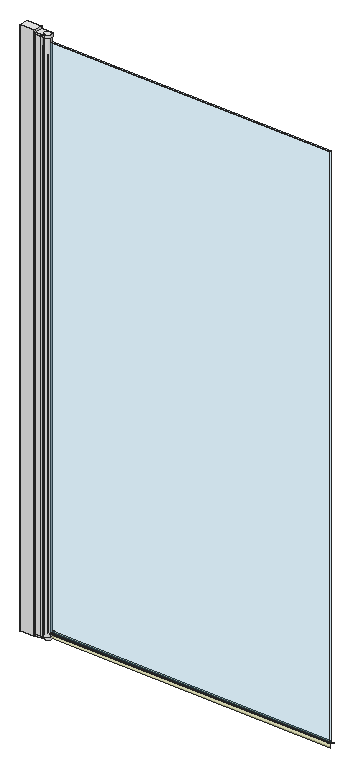
Revit family "SOEB1", category Plumbing Fixtures, Revit 2015
Parameters (values of type "850")
  Width fixed panel 2 = 0 mm
  Width fixed panel = 0 mm
  Seal = Seal
  Model = "SOEB1"
  L1 = 850 mm
  URL = "www.sanswiss.com"
  Type Comments = "SOLINO"
  Number of elements = 0
  Chrome = Chrome
  Aluminum = Aluminum
  Manufacturer = "SanSwiss"
  H = 1500 mm
  Glass = Glass
Types (2, lengths in mm): name | L1
  850 | 850
  750 | 750
Reference planes
  plane 1 "Center (Front/Back)": y = 0
  plane 2: z = 0
  plane 3 "Center (Left/Right)": x = 0
  plane 4: x = 850
  plane 5: z = 1500
  plane 6 "góra": z = 1480
  plane 7 "klamka": z = 1000.61
  plane 8: x = 828.938
  plane 9: x = 809.789
  plane 10 "ucięcie": z = 11.8
  plane 11: z = 1984
  plane 12: z = 4.446
  plane 13: z = 1495.447
  plane 14: z = 16.178
  plane 15: z = 1490.893
Forms (mm)
  Extrusion 1, void, not visible
    sketch origin (0, 0, 0) x (1, 0, 0) y (0, 0, 1)
      loop
        line (47.1, 1799.5) -> (47.1, 1777.5) -> (65.984, 1777.5) -> (65.984, 1799.5) -> (47.1, 1799.5)
    from -49.545 to 25.251
  Extrusion 2, solid, material "Aluminum" <- "Aluminum", not visible
    sketch origin (0, 0, 1822.5) x (0, -1, 0) y (1, 0, 0)
      loop
        line (-1, 45.1) -> (-1, 57.085)
        arc (-1, 57.085) -> (-10, 66.085) -> (-19, 57.085) r 9
        line (-19, 57.085) -> (-19, 45.1) -> (-1, 45.1)
    from -45 to -23
  Extrusion 3, solid, material "Aluminum" <- "Aluminum", not visible
    sketch origin (0, 0, 1822.5) x (0, -1, 0) y (1, 0, 0)
      loop
        line (-1, 47.1) -> (-10, 47.1)
        arc (-10, 47.1) -> (-14.544, 48.192) -> (-18.095, 51.229) r 10
        arc (-18.095, 51.229) -> (-18.654, 51.411) -> (-19, 50.936) r 0.5
        line (-19, 50.936) -> (-19, 45.1) -> (-1, 45.1) -> (-1, 47.1)
    from -23 to 0
  Revolve 4, solid, material "Aluminum" <- "Aluminum", not visible
    sketch origin (0, 0, 1800) x (0, -1, 0) y (1, 0, 0)
      loop
        line (-21, 88.1) -> (-27.814, 88.1) -> (-27.814, 75.277) -> (-23.528, 79.564) -> (-21, 79.564) -> (-21, 88.1)
      axis (-21, 88.1) -> (-27.814, 88.1)
    angle from 0 to 360
  Revolve 5, solid, material "Aluminum" <- "Aluminum", not visible
    sketch origin (30, 0, 1800) x (0, -1, 0) y (1, 0, 0)
      loop
        line (-21, 88.1) -> (-27.814, 88.1) -> (-27.814, 75.277) -> (-23.528, 79.564) -> (-21, 79.564) -> (-21, 88.1)
      axis (-21, 88.1) -> (-27.814, 88.1)
    angle from 0 to 360
  Extrusion 6, solid, material "Glass" <- "Glass"
    sketch origin (0, 0, 1800) x (0, -1, 0) y (1, 0, 0)
      loop
        line (-27.5, 850) -> (-27.5, 60.1) -> (-21.5, 60.1) -> (-21.5, 850) -> (-27.5, 850)
    from -1787 to -320
  Extrusion 7, solid, material "Seal" <- "Seal"
    sketch origin (0, 0, 0) x (0, 1, 0) y (0, 0, 1)
      loop
        line (25.848, 0) -> (26.239, 11.179) -> (28.331, 11.179)
        arc (28.331, 11.179) -> (32.443, 8.017) -> (37.363, 6.377) r 15.613
        arc (37.363, 6.377) -> (37.88, 6.809) -> (37.519, 7.378) r 0.511
        arc (37.519, 7.378) -> (33.267, 9.376) -> (29.821, 12.57) r 15.311
        line (29.821, 12.57) -> (29.32, 16.654)
        arc (29.32, 16.654) -> (28.875, 17.326) -> (28.071, 17.375) r 0.903
        line (28.071, 17.375) -> (28.68, 12.412) -> (21.994, 12.412) -> (22.862, 17.336)
        arc (22.862, 17.336) -> (21.758, 17.201) -> (21.323, 16.178) r 1.113
        line (21.323, 16.178) -> (20.867, 12.937)
        arc (20.867, 12.937) -> (21.214, 11.729) -> (22.343, 11.179) r 1.544
        line (22.343, 11.179) -> (24.42, 11.179) -> (24.937, 0) -> (25.848, 0)
    from 77.062 to 850
  Sweep 8, solid, material "Aluminum" <- "Aluminum"
    path origin (0, 0, 0) x (1, 0, 0) y (0, 0, 1)
      loop
        line (0, 1500) -> (0, 0)
    profile origin (0, 0, 750) x (0, -1, 0) y (1, 0, 0)
      loop
        arc (-38.263, 1.8) -> (-37.735, 0.527) -> (-36.463, 0) r 1.8
        line (-36.463, 0) -> (-13.263, 0)
        arc (-13.263, 0) -> (-11.995, 0.525) -> (-11.47, 1.792) r 1.792
        line (-11.47, 1.792) -> (-11.47, 38.242)
        arc (-11.47, 38.242) -> (-11.866, 39.197) -> (-12.82, 39.592) r 1.35
        line (-12.82, 39.592) -> (-36.859, 39.592)
        arc (-36.859, 39.592) -> (-37.852, 39.181) -> (-38.263, 38.189) r 1.403
        line (-38.263, 38.189) -> (-38.263, 1.8)
  Revolve 9, solid, material "Aluminum" <- "Aluminum"
    sketch origin (-9.312, 936.256, 1415.61) x (0, 1, 0) y (-1, 0, 0)
      loop
        line (-897.993, -39.145) -> (-892.092, -39.145)
        arc (-892.092, -39.145) -> (-892.298, -36.517) -> (-892.793, -33.929) r 23.774
        arc (-892.793, -33.929) -> (-893.497, -32.844) -> (-894.72, -32.423) r 1.986
        line (-894.72, -32.423) -> (-897.993, -32.423) -> (-897.993, -39.145)
      axis (-897.993, -39.145) -> (-892.092, -39.145)
    angle from 0 to 360
  Revolve 10, solid, material "Aluminum" <- "Aluminum"
    sketch origin (-9.312, 936.256, 765.61) x (0, 1, 0) y (-1, 0, 0)
      loop
        line (-897.993, -39.145) -> (-892.092, -39.145)
        arc (-892.092, -39.145) -> (-892.298, -36.517) -> (-892.793, -33.929) r 23.774
        arc (-892.793, -33.929) -> (-893.497, -32.844) -> (-894.72, -32.423) r 1.986
        line (-894.72, -32.423) -> (-897.993, -32.423) -> (-897.993, -39.145)
      axis (-897.993, -39.145) -> (-892.092, -39.145)
    angle from 0 to 360
  Revolve 11, solid, material "Aluminum" <- "Aluminum"
    sketch origin (-9.312, 936.256, 115.61) x (0, 1, 0) y (-1, 0, 0)
      loop
        line (-897.993, -39.145) -> (-892.092, -39.145)
        arc (-892.092, -39.145) -> (-892.298, -36.517) -> (-892.793, -33.929) r 23.774
        arc (-892.793, -33.929) -> (-893.497, -32.844) -> (-894.72, -32.423) r 1.986
        line (-894.72, -32.423) -> (-897.993, -32.423) -> (-897.993, -39.145)
      axis (-897.993, -39.145) -> (-892.092, -39.145)
    angle from 0 to 360
  Sweep 12, solid, material "Aluminum" <- "Aluminum"
    path origin (0, 0, 0) x (1, 0, 0) y (0, 0, 1)
      loop
        line (0, 4.446) -> (0, 1490.893)
    profile origin (0, 0, 747.67) x (-1, 0, 0) y (0, -1, 0)
      loop
        line (-39.592, -35.556) -> (-39.592, -14.168) -> (-57.512, -14.168)
        arc (-57.512, -14.168) -> (-59.231, -15.328) -> (-59.014, -17.391) r 2.014
        line (-59.014, -17.391) -> (-60.019, -17.391) -> (-61.202, -16.839) -> (-63.706, -17.058) -> (-62.709, -17.523)
        arc (-62.709, -17.523) -> (-59.615, -18.745) -> (-57.323, -21.156) r 7.716
        line (-57.323, -21.156) -> (-57.323, -28.491)
        arc (-57.323, -28.491) -> (-59.615, -30.902) -> (-62.709, -32.123) r 7.716
        line (-62.709, -32.123) -> (-63.706, -32.588) -> (-61.202, -32.807) -> (-59.802, -32.154) -> (-58.891, -32.154)
        arc (-58.891, -32.154) -> (-59.419, -34.301) -> (-57.599, -35.556) r 1.947
        line (-57.599, -35.556) -> (-39.592, -35.556)
  Sweep 13, solid, material "Chrome" <- "Chrome"
    path origin (0, 0, -4.553) x (1, 0, 0) y (0, 0, 1)
      loop
        line (0, 1500) -> (0, 1495.447)
    profile origin (0, 0, 1493.17) x (0, -1, 0) y (1, 0, 0)
      loop
        line (-14.163, 39.592) -> (-14.163, 66.995)
        arc (-14.163, 66.995) -> (-24.863, 77.695) -> (-35.563, 66.995) r 10.7
        line (-35.563, 66.995) -> (-35.563, 39.592) -> (-14.163, 39.592)
  Sweep 14, solid, material "Chrome" <- "Chrome"
    path origin (0, 0, -1995.554) x (1, 0, 0) y (0, 0, 1)
      loop
        line (0, 2000) -> (0, 1995.447)
    profile origin (0, 0, 2.17) x (0, -1, 0) y (1, 0, 0)
      loop
        line (-14.163, 39.592) -> (-14.163, 66.995)
        arc (-14.163, 66.995) -> (-24.863, 77.695) -> (-35.563, 66.995) r 10.7
        line (-35.563, 66.995) -> (-35.563, 39.592) -> (-14.163, 39.592)
  Sweep 15, solid, material "Aluminum" <- "Aluminum"
    path origin (0, 0, 0) x (1, 0, 0) y (0, 0, 1)
      loop
        line (0, 4.446) -> (0, 1495.447)
    profile origin (0, 0, 749.947) x (-1, 0, 0) y (0, -1, 0)
      loop
        circle (-66.933, -24.929) r 9.238
Dimensions and locks
  "L1": plane 3 "Center (Left/Right)" to plane 4
  "H": plane 5 to level
  locked: plane 3 "Center (Left/Right)" to Extrusion 6 sketch curve at 60.1
  plane 4 to plane 8 = 21.062 mm
  locked: plane 4 to plane 9 at 40.211
  locked: plane 5 to plane 13 at 4.553
  plane 5 to plane 6 "góra" = 20 mm
  aligned and locked: level to plane 2
  aligned and locked: plane 5 to Sweep 8 sketch curve
  aligned and locked: level to Sweep 8 sketch curve
  aligned and locked: plane 12 to Sweep 12 sketch curve
  aligned and locked: plane 4 to Extrusion 6
  aligned and locked: Extrusion 6 to plane 6 "góra"
  aligned and locked: plane 13 to Sweep 13
  aligned and locked: plane 4 to Extrusion 7
Automatic sketch dimensions
  Extrusion 1 sketch curve to Extrusion 1 sketch curve = 18.884 mm
  Extrusion 1 sketch curve to Extrusion 1 sketch curve = 22 mm
  Extrusion 2 sketch curve to Extrusion 2 sketch curve = 9 mm
  Extrusion 2 sketch curve to Extrusion 2 sketch curve = 11.985 mm
  Extrusion 3 sketch curve to Extrusion 3 sketch curve = 0.5 mm
  Extrusion 3 sketch curve to Extrusion 3 sketch curve = 2 mm
  Extrusion 3 sketch curve to Extrusion 3 sketch curve = 5.836 mm
  Extrusion 3 sketch curve to Extrusion 3 sketch curve = 10 mm
  Extrusion 3 sketch curve to Extrusion 3 sketch curve = 8.5 mm
  Extrusion 3 sketch curve to Extrusion 3 sketch curve = 9 mm
  Revolve 4 sketch curve to Revolve 4 sketch curve = 6.814 mm
  Revolve 4 sketch curve to Revolve 4 sketch curve = 0 mm  (x3)
  Revolve 5 sketch curve to Revolve 5 sketch curve = 6.814 mm
  Revolve 5 sketch curve to Revolve 5 sketch curve = 4.287 mm  (x2)
  Revolve 5 sketch curve to Revolve 5 sketch curve = 8.536 mm
  Revolve 5 sketch curve to Revolve 5 sketch curve = 0 mm  (x3)
  Revolve 4 sketch curve to Revolve 4 sketch curve = 4.287 mm  (x2)
  Revolve 4 sketch curve to Revolve 4 sketch curve = 8.536 mm
  Extrusion 6 sketch curve to plane 1 "Center (Front/Back)" = 27.5 mm
  Extrusion 6 sketch curve to Extrusion 6 sketch curve = 6 mm
  Sweep 8 sketch curve to profile plane = 0 mm
  Sweep 8 sketch curve to profile plane = 1.8 mm
  Sweep 8 sketch curve to plane 1 "Center (Front/Back)" = 38.263 mm
  Sweep 8 sketch curve to Sweep 8 sketch curve = 1.403 mm
  Sweep 8 sketch curve to plane 1 "Center (Front/Back)" = 13.263 mm
  Sweep 8 sketch curve to plane 1 "Center (Front/Back)" = 12.82 mm
  Sweep 8 sketch curve to Sweep 8 sketch curve = 1.792 mm
  Sweep 8 sketch curve to Sweep 8 sketch curve = 36.389 mm
  Revolve 9 sketch curve to plane 1 "Center (Front/Back)" = 20.395 mm
  Revolve 9 sketch curve to Revolve 9 sketch curve = 17.867 mm
  Revolve 9 sketch curve to Revolve 9 sketch curve = 3.274 mm
  Revolve 9 sketch curve to Revolve 9 sketch curve = 2.627 mm
  plane 3 "Center (Left/Right)" to Revolve 9 sketch curve = 30.368 mm
  Revolve 9 sketch curve to Revolve 9 sketch curve = 0.535 mm
  Revolve 9 sketch curve to Revolve 9 sketch curve = 4.736 mm
  Revolve 9 sketch curve to Revolve 9 sketch curve = 1.986 mm
  Revolve 9 sketch curve to Revolve 9 sketch curve = 0 mm  (x2)
  Revolve 9 sketch curve to Revolve 9 sketch curve = 0.459 mm
  Revolve 10 sketch curve to plane 1 "Center (Front/Back)" = 20.395 mm
  Revolve 10 sketch curve to Revolve 10 sketch curve = 17.867 mm
  Revolve 10 sketch curve to Revolve 10 sketch curve = 3.274 mm
  Revolve 10 sketch curve to Revolve 10 sketch curve = 2.627 mm
  plane 3 "Center (Left/Right)" to Revolve 10 sketch curve = 30.368 mm
  Revolve 10 sketch curve to Revolve 10 sketch curve = 0.535 mm
  Revolve 10 sketch curve to Revolve 10 sketch curve = 4.736 mm
  Revolve 10 sketch curve to Revolve 10 sketch curve = 1.986 mm
  Revolve 10 sketch curve to Revolve 10 sketch curve = 0 mm  (x2)
  Revolve 10 sketch curve to Revolve 10 sketch curve = 0.459 mm
  Revolve 11 sketch curve to plane 1 "Center (Front/Back)" = 20.395 mm
  Revolve 11 sketch curve to Revolve 11 sketch curve = 17.867 mm
  Revolve 11 sketch curve to Revolve 11 sketch curve = 3.274 mm
  Revolve 11 sketch curve to Revolve 11 sketch curve = 2.627 mm
  plane 3 "Center (Left/Right)" to Revolve 11 sketch curve = 30.368 mm
  Revolve 11 sketch curve to Revolve 11 sketch curve = 0.535 mm
  Revolve 11 sketch curve to Revolve 11 sketch curve = 4.736 mm
  Revolve 11 sketch curve to Revolve 11 sketch curve = 1.986 mm
  Revolve 11 sketch curve to Revolve 11 sketch curve = 0 mm  (x2)
  Revolve 11 sketch curve to Revolve 11 sketch curve = 0.459 mm
  Sweep 13 sketch curve to plane 3 "Center (Left/Right)" = 0 mm
  plane 13 to Sweep 13 sketch curve = 4.553 mm
  Sweep 13 sketch curve to plane 5 = 4.553 mm
  Sweep 13 sketch curve to plane 1 "Center (Front/Back)" = 35.563 mm
  Sweep 13 sketch curve to Sweep 13 sketch curve = 10.7 mm
  Sweep 13 sketch curve to profile plane = 39.592 mm
  Sweep 13 sketch curve to Sweep 13 sketch curve = 27.403 mm
  Sweep 14 sketch curve to plane 3 "Center (Left/Right)" = 0 mm
  Sweep 14 sketch curve to plane 12 = 0 mm
  Sweep 14 sketch curve to level = 0.107 mm
  Sweep 14 sketch curve to plane 1 "Center (Front/Back)" = 35.563 mm
  Sweep 14 sketch curve to Sweep 14 sketch curve = 10.7 mm
  Sweep 14 sketch curve to profile plane = 39.592 mm
  Sweep 14 sketch curve to Sweep 14 sketch curve = 27.403 mm
  Sweep 12 sketch curve to plane 1 "Center (Front/Back)" = 25.142 mm
  profile plane to Sweep 12 sketch curve = 63.93 mm
  Sweep 12 sketch curve to Sweep 12 sketch curve = 0 mm
  Sweep 12 sketch curve to plane 1 "Center (Front/Back)" = 17.058 mm
  Sweep 12 sketch curve to Sweep 12 sketch curve = 0.224 mm  (x2)
  Sweep 12 sketch curve to Sweep 12 sketch curve = 0.997 mm  (x2)
  Sweep 12 sketch curve to plane 1 "Center (Front/Back)" = 17.523 mm
  Sweep 12 sketch curve to Sweep 12 sketch curve = 1.506 mm  (x2)
  Sweep 12 sketch curve to plane 1 "Center (Front/Back)" = 16.839 mm
  Sweep 12 sketch curve to Sweep 12 sketch curve = 1.184 mm
  Sweep 12 sketch curve to Sweep 12 sketch curve = 1.401 mm
  Sweep 12 sketch curve to Sweep 12 sketch curve = 1.004 mm
  Sweep 12 sketch curve to Sweep 12 sketch curve = 0.91 mm
  Sweep 12 sketch curve to Sweep 12 sketch curve = 1.292 mm
  Sweep 12 sketch curve to Sweep 12 sketch curve = 1.503 mm
  Sweep 12 sketch curve to Sweep 12 sketch curve = 0.106 mm
  Sweep 12 sketch curve to Sweep 12 sketch curve = 1.692 mm
  Sweep 12 sketch curve to Sweep 12 sketch curve = 17.919 mm
  Sweep 12 sketch curve to Sweep 12 sketch curve = 0.031 mm
  Sweep 12 sketch curve to Sweep 12 sketch curve = 0.465 mm
  Sweep 12 sketch curve to Sweep 12 sketch curve = 0.653 mm
  Sweep 12 sketch curve to Sweep 12 sketch curve = 1.456 mm
  Sweep 12 sketch curve to Sweep 12 sketch curve = 3.664 mm
  Sweep 12 sketch curve to Sweep 12 sketch curve = 0.637 mm
  Sweep 12 sketch curve to Sweep 12 sketch curve = 0.552 mm
  Sweep 12 sketch curve to Sweep 12 sketch curve = 1.212 mm
  Sweep 15 sketch curve to plane 3 "Center (Left/Right)" = 0 mm
  Sweep 15 sketch curve to plane 12 = 0 mm
  Sweep 15 sketch curve to plane 13 = 0 mm
  Sweep 15 sketch curve to plane 1 "Center (Front/Back)" = 24.929 mm
  profile plane to Sweep 15 sketch curve = 66.933 mm
  plane 9 to Extrusion 6 sketch curve = 40.211 mm
  Sweep 8 sketch curve to plane 3 "Center (Left/Right)" = 0 mm
  Extrusion 7 sketch curve to plane 14 = 0 mm
  Extrusion 7 sketch curve to level = 0 mm
  plane 10 "ucięcie" to Extrusion 7 sketch curve = 1.137 mm
  Extrusion 7 sketch curve to plane 1 "Center (Front/Back)" = 20.867 mm
  Extrusion 7 sketch curve to Extrusion 7 sketch curve = 0.456 mm
  plane 10 "ucięcie" to Extrusion 7 sketch curve = 0.612 mm
  Extrusion 7 sketch curve to Extrusion 7 sketch curve = 1.127 mm
  Extrusion 7 sketch curve to Extrusion 7 sketch curve = 0.349 mm
  Extrusion 7 sketch curve to Extrusion 7 sketch curve = 0.402 mm
  plane 14 to Extrusion 7 sketch curve = 0.134 mm
  Extrusion 7 sketch curve to Extrusion 7 sketch curve = 1.105 mm
  plane 14 to Extrusion 7 sketch curve = 1.159 mm
  Extrusion 7 sketch curve to Extrusion 7 sketch curve = 3.505 mm
  Extrusion 7 sketch curve to plane 10 "ucięcie" = 0.621 mm  (x2)
  Extrusion 7 sketch curve to Extrusion 7 sketch curve = 3.895 mm
  plane 14 to Extrusion 7 sketch curve = 1.197 mm
  Extrusion 7 sketch curve to Extrusion 7 sketch curve = 5.208 mm
  Extrusion 7 sketch curve to Extrusion 7 sketch curve = 2.093 mm
  plane 14 to Extrusion 7 sketch curve = 0.366 mm
  Extrusion 7 sketch curve to Extrusion 7 sketch curve = 0.353 mm
  Extrusion 7 sketch curve to Extrusion 7 sketch curve = 0.348 mm
  plane 14 to Extrusion 7 sketch curve = 0.476 mm
  plane 10 "ucięcie" to Extrusion 7 sketch curve = 0.77 mm
  Extrusion 7 sketch curve to Extrusion 7 sketch curve = 1.141 mm
  Extrusion 7 sketch curve to plane 12 = 2.441 mm
  Extrusion 7 sketch curve to Extrusion 7 sketch curve = 7.554 mm
  plane 14 to Extrusion 7 sketch curve = 5.625 mm
  Extrusion 7 sketch curve to Extrusion 7 sketch curve = 10.453 mm
  Extrusion 7 sketch curve to Extrusion 7 sketch curve = 2.056 mm
  Extrusion 7 sketch curve to Extrusion 7 sketch curve = 0.267 mm
  Extrusion 7 sketch curve to Extrusion 7 sketch curve = 1.818 mm
  Extrusion 7 sketch curve to Extrusion 7 sketch curve = 0.911 mm
  Extrusion 7 sketch curve to Extrusion 7 sketch curve = 0.013 mm
  Sweep 12 sketch curve to plane 3 "Center (Left/Right)" = 0 mm
  Sweep 12 sketch curve to plane 15 = 0 mm
  radius of Sweep 15 sketch curve = 9.238 mm
